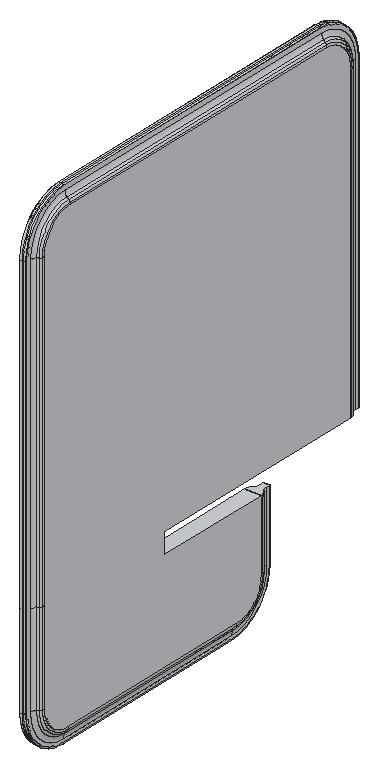
Revit family "BuzziDesk_SplitPanel_Revit", category Generic Models, Revit 2019
Family settings
  Can host rebar = No
  Round Connector Dimension = Use Diameter
  Part Type = Normal
  Work Plane-Based = No
  Always vertical = Yes
  Cut with Voids When Loaded = No
  Shared = No
  Room Calculation Point = No
Parameters
  Top Height = 62 cm
  Table Height [instance] = 92 cm
  Split Panel Material = none
  Split Panel Length = 42 cm
  Panel Type = BuzziDesk Split Panel Rounded : BuzziDesk Split Panel Rounded
  Bottom Height = 18.2547 cm
Reference planes (cm)
  plane 1 "Center (Front/Back)": y = 0
  plane 2: z = 92
  plane 3 "Center (Left/Right)": x = 0
  plane 4: z = 0
Dimensions and locks (cm)
  "Table Height": plane 2 to level
  aligned and locked: plane 4 to level
  aligned and locked: nested 1 to nested 1  (x2)
  aligned and locked: nested 1 to plane 1 "Center (Front/Back)"
  aligned and locked: plane 2 to nested 1
Nested families (cm)
  nested 1: "BuzziDesk Split Panel Rounded" at (0, -30, 0), type <- "Panel Type", type "BuzziDesk Split Panel Rounded"
Definition of nested family "BuzziDesk Split Panel Rounded"
  Parameters (values of type "BuzziDesk Split Panel Rounded")
    Top Height = 62 cm
    Table Height [instance] = 92 cm
    Split Panel Material = none
    Split Panel Length = 42 cm
    Bottom Height = 18.2547 cm
  Reference planes (cm)
    plane 1 "Center (Front/Back)": y = 0
    plane 2: z = 92
    plane 3 "Center (Left/Right)": x = 0
    plane 4: y = 30
    plane 5: y = 3.1155
    plane 6: y = 55
    plane 7: y = 72
    plane 8: z = 88.2547
    plane 9: z = 154
    plane 10: z = 70
    plane 11: z = 0
  Forms (cm)
    Extrusion 1, solid, material <- "Split Panel Material"
      sketch origin (0, 0, 92) x (0, 1, 0) y (0, 0, 1)
        loop
          line (72, 0) -> (72, 56.5581)
          arc (72, 56.5581) -> (70.4061, 60.4061) -> (66.5581, 62) r 5.4419
          line (66.5581, 62) -> (8.8305, 62)
          arc (8.8305, 62) -> (4.7894, 60.3261) -> (3.1155, 56.285) r 5.715
          line (3.1155, 56.285) -> (3.1155, 0) -> (3.1155, -16.7038)
          arc (3.1155, -16.7038) -> (4.6667, -20.4488) -> (8.4117, -22) r 5.2962
          line (8.4117, -22) -> (46.2608, -22)
          arc (46.2608, -22) -> (50.302, -20.3261) -> (51.9758, -16.285) r 5.715
          line (51.9758, -16.285) -> (51.9758, -3.7453) -> (30, -3.7453) -> (30, 0) -> (72, 0)
      from -1.5 to 1.5
    Sweep 2, solid, material <- "Split Panel Material"
      path in 3D
        loop
          line (1.5, 72, 92) -> (1.5, 72, 148.5581)
          arc (1.5, 72, 148.5581) -> (1.5, 70.4061, 152.4061) -> (1.5, 66.5581, 154) r 5.4419
          line (1.5, 66.5581, 154) -> (1.5, 8.8305, 154)
          arc (1.5, 8.8305, 154) -> (1.5, 4.7894, 152.3261) -> (1.5, 3.1155, 148.285) r 5.715
          line (1.5, 3.1155, 148.285) -> (1.5, 3.1155, 92) -> (1.5, 3.1155, 75.2962)
          arc (1.5, 3.1155, 75.2962) -> (1.5, 4.6667, 71.5512) -> (1.5, 8.4117, 70) r 5.2962
          line (1.5, 8.4117, 70) -> (1.5, 46.2608, 70)
          arc (1.5, 46.2608, 70) -> (1.5, 50.302, 71.6739) -> (1.5, 51.9758, 75.715) r 5.715
          line (1.5, 51.9758, 75.715) -> (1.5, 51.9758, 88.2547)
      profile origin (1.5, 37.6943, 154) x (1, 0, 0) y (0, 0, 1)
        loop
          arc (-2.1, 2.1441) -> (-2.1716, 1.6344) -> (-2.381, 1.1642) r 1.8492
          arc (-2.381, 1.1642) -> (-2.5428, 0.9533) -> (-2.7419, 0.7771) r 1.3868
          arc (-2.7419, 0.7771) -> (-2.8757, 0.592) -> (-2.9543, 0.3777) r 0.8355
          arc (-2.9543, 0.3777) -> (-2.9861, 0.1899) -> (-3, 0) r 2.0225
          line (-3, 0) -> (0, 0)
          arc (0, 0) -> (-0.0139, 0.1899) -> (-0.0457, 0.3777) r 2.0225
          arc (-0.0457, 0.3777) -> (-0.1243, 0.592) -> (-0.2581, 0.7771) r 0.8355
          arc (-0.2581, 0.7771) -> (-0.4572, 0.9533) -> (-0.619, 1.1642) r 1.3868
          arc (-0.619, 1.1642) -> (-0.8284, 1.6344) -> (-0.9, 2.1441) r 1.8492
          line (-0.9, 2.1441) -> (-0.9, 2.9)
          arc (-0.9, 2.9) -> (-0.9293, 2.9707) -> (-1, 3) r 0.1
          line (-1, 3) -> (-1.4, 3)
          arc (-1.4, 3) -> (-1.4603, 2.9816) -> (-1.5, 2.9325) r 0.1079
          arc (-1.5, 2.9325) -> (-1.5397, 2.9816) -> (-1.6, 3) r 0.1079
          line (-1.6, 3) -> (-2, 3)
          arc (-2, 3) -> (-2.0707, 2.9707) -> (-2.1, 2.9) r 0.1
          line (-2.1, 2.9) -> (-2.1, 2.1441)
  Lines and regions (cm)
    sketch lines
      curve 1: line (1.5, 66.5581, 154) -> (1.5, 8.8305, 154)
      curve 2: arc (1.5, 66.5581, 154) -> (1.5, 70.4061, 152.4061) -> (1.5, 72, 148.5581) r 5.4419
      curve 3: line (1.5, 72, 92) -> (1.5, 72, 148.5581)
      curve 4: arc (1.5, 3.1155, 148.285) -> (1.5, 4.7894, 152.3261) -> (1.5, 8.8305, 154) r 5.715
      curve 5: line (1.5, 3.1155, 148.285) -> (1.5, 3.1155, 92)
      curve 6: line (1.5, 3.1155, 92) -> (1.5, 3.1155, 75.2962)
      curve 7: arc (1.5, 8.4117, 70) -> (1.5, 4.6667, 71.5512) -> (1.5, 3.1155, 75.2962) r 5.2962
      curve 8: line (1.5, 8.4117, 70) -> (1.5, 46.2608, 70)
      curve 9: arc (1.5, 51.9758, 75.715) -> (1.5, 50.302, 71.6739) -> (1.5, 46.2608, 70) r 5.715
      curve 10: line (1.5, 51.9758, 75.715) -> (1.5, 51.9758, 88.2547)
  Dimensions and locks (cm)
    locked: plane 5 to plane 1 "Center (Front/Back)" at 3.1155
    locked: plane 4 to plane 5 at 26.8845
    locked: plane 6 to plane 4 at 25
    "Split Panel Length": plane 7 to plane 4
    locked: plane 8 to plane 2 at 3.7453
    "Top Height": plane 9 to plane 2
    "Bottom Height": plane 10 to plane 8
    "Table Height": plane 2 to level
    aligned and locked: plane 4 to Extrusion 1 sketch curve
    aligned and locked: Extrusion 1 sketch curve to plane 5
    aligned and locked: plane 7 to Sweep 2
    aligned and locked: plane 8 to Extrusion 1
    aligned and locked: plane 10 to Sweep 2
    aligned and locked: plane 9 to Sweep 2
    aligned and locked: plane 9 to Extrusion 1 sketch curve  (x2)
    aligned and locked: plane 10 to Extrusion 1 sketch curve  (x2)
    aligned and locked: plane 11 to level
  Automatic sketch dimensions
    Extrusion 1 sketch curve to plane 7 = 0 cm
    level to Extrusion 1 sketch curve = 92 cm  (x2)
    Extrusion 1 sketch curve to plane 5 = 5.2962 cm
    Extrusion 1 sketch curve to Extrusion 1 sketch curve = 5.715 cm
    Extrusion 1 sketch curve to plane 6 = 8.7392 cm
    Extrusion 1 sketch curve to plane 6 = 3.0242 cm
    plane 7 to Extrusion 1 sketch curve = 5.4419 cm
    Extrusion 1 sketch curve to Extrusion 1 sketch curve = 3.7453 cm
    Sweep 2 sketch curve to profile plane = 0 cm
    profile plane to Sweep 2 sketch curve = 2.1441 cm
    profile plane to Sweep 2 sketch curve = 3.9492 cm
    Sweep 2 sketch curve to Sweep 2 sketch curve = 0.3921 cm  (x2)
    Sweep 2 sketch curve to Sweep 2 sketch curve = 0.5571 cm
    profile plane to Sweep 2 sketch curve = 0.1998 cm  (x2)
    Sweep 2 sketch curve to Sweep 2 sketch curve = 0.862 cm
    Sweep 2 sketch curve to Sweep 2 sketch curve = 1.4571 cm
    Sweep 2 sketch curve to profile plane = 0.0529 cm  (x2)
    Sweep 2 sketch curve to Sweep 2 sketch curve = 0.1162 cm  (x2)
    Sweep 2 sketch curve to Sweep 2 sketch curve = 0.1 cm  (x2)
    Sweep 2 sketch curve to Sweep 2 sketch curve = 0.4 cm  (x2)
    Sweep 2 sketch curve to Sweep 2 sketch curve = 0.2 cm
    profile plane to Sweep 2 sketch curve = 0.9782 cm
    profile plane to Sweep 2 sketch curve = 0 cm
    Sweep 2 sketch curve to profile plane = 0.5571 cm
    Sweep 2 sketch curve to Sweep 2 sketch curve = 0.245 cm  (x2)
    Sweep 2 sketch curve to Sweep 2 sketch curve = 1.5214 cm
    Sweep 2 sketch curve to Sweep 2 sketch curve = 0.748 cm
    Sweep 2 sketch curve to Sweep 2 sketch curve = 0 cm  (x3)
    Sweep 2 sketch curve to Sweep 2 sketch curve = 0.0079 cm  (x2)
    Sweep 2 sketch curve to Sweep 2 sketch curve = 0.2124 cm
    profile plane to Sweep 2 sketch curve = 0.2581 cm
